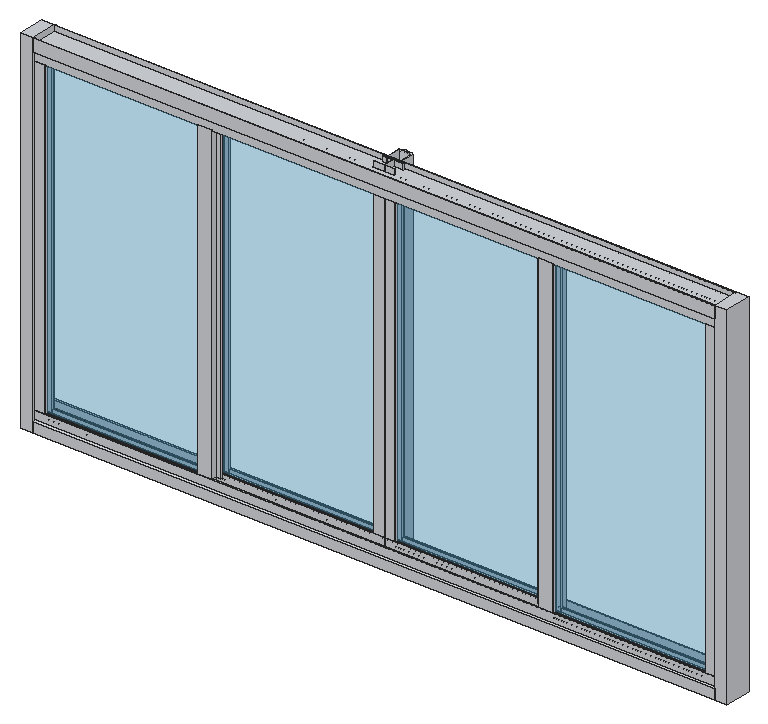
Revit family "MT-VMS_DB-SG_OXXO", category Windows, host Wall, Revit 2017 (continued)
Definition of nested family "VMS_DB-SG_OXXO_101mm"
  Definition of nested family "VMS_VM11_SILL DETAIL_FINE"
    Lines and regions (mm)
      model lines, in view "Ref. Level"
        curve 21: arc (-8.15, 0, 0) -> (-8.362, -0.088, 0) -> (-8.45, -0.3, 0) r 0.3
        curve 22: arc (-8.45, -1.9, 0) -> (-8.304, -2.254, 0) -> (-7.95, -2.4, 0) r 0.5
        curve 23: arc (-7.564, -2.4, 0) -> (-7.351, -2.312, 0) -> (-7.264, -2.1, 0) r 0.3
        curve 24: line (-7.264, -2.1, 0) -> (-7.264, -1.5, 0)
        curve 25: line (-7.264, -1.5, 0) -> (-6.364, -1.5, 0)
        curve 26: line (-6.364, -1.5, 0) -> (-6.364, -5.1, 0)
        curve 27: line (-6.364, -5.1, 0) -> (-6.776, -5.512, 0)
        curve 28: line (-6.823, -5.874, 0) -> (-5.466, -8.225, 0)
        curve 29: line (-4.167, -7.475, 0) -> (-4.864, -6.269, 0)
        curve 30: line (-4.864, -6.269, 0) -> (-4.864, -2.2, 0)
        curve 31: line (-3.864, -1.2, 0) -> (5.464, -1.2, 0)
        curve 32: line (6.464, -2.2, 0) -> (6.464, -6.269, 0)
        curve 33: line (6.464, -6.269, 0) -> (5.767, -7.475, 0)
        curve 34: line (7.066, -8.225, 0) -> (8.423, -5.874, 0)
        curve 35: line (8.376, -5.512, 0) -> (7.964, -5.1, 0)
        curve 36: line (7.964, -5.1, 0) -> (7.964, -1.2, 0)
        curve 37: line (7.964, -1.2, 0) -> (8.864, -1.2, 0)
        curve 38: line (8.864, -1.2, 0) -> (8.864, -2.1, 0)
        curve 39: line (9.164, -2.4, 0) -> (9.55, -2.4, 0)
        curve 40: line (10.05, -1.9, 0) -> (10.05, 0, 0)
        curve 41: line (10.05, 0, 0) -> (33.2, 0, 0)
        curve 42: line (33.5, 0.3, 0) -> (33.5, 29.412, 0)
        curve 43: line (33.2, 29.712, 0) -> (31.8, 29.712, 0)
        curve 44: line (31.5, 29.412, 0) -> (31.5, 2.1, 0)
        curve 45: line (31.2, 1.8, 0) -> (8.85, 1.8, 0)
        curve 46: line (8.55, 1.5, 0) -> (8.55, 0.3, 0)
        curve 47: line (8.25, 0, 0) -> (1.9, 0, 0)
        curve 48: line (1.6, 0.3, 0) -> (1.6, 29.412, 0)
        curve 49: line (1.3, 29.712, 0) -> (0.3, 29.712, 0)
        curve 50: line (0, 29.412, 0) -> (0, 0.3, 0)
        curve 51: line (-0.3, 0, 0) -> (-8.15, 0, 0)
        curve 52: line (-8.45, -0.3, 0) -> (-8.45, -1.9, 0)
        curve 53: line (-7.95, -2.4, 0) -> (-7.564, -2.4, 0)
  Definition of nested family "MAIN FRAME 101.6MM_MEDIUM"
    Reference planes
      plane 1 "Center (Front/Back)": y = 0
      plane 2: z = 0
      plane 3 "Center (Left/Right)": x = 0
    Lines and regions (mm)
      detail lines, in view "Ref. Level"
        curve 1: line (0, 0, 0) -> (45, 0, 0)
        curve 2: line (45, 0, 0) -> (45, -101.6, 0)
        curve 3: line (45, -101.6, 0) -> (0, -101.6, 0)
        curve 4: line (0, 0, 0) -> (0, -1.8, 0)
        curve 5: line (0, -1.8, 0) -> (43.2, -1.8, 0)
        curve 6: line (43.2, -99.8, 0) -> (43.2, -1.8, 0)
        curve 7: line (0, -99.8, 0) -> (43.2, -99.8, 0)
        curve 8: line (0, -99.8, 0) -> (0, -101.6, 0)
  Definition of nested family "AS1C CAVITY MAIN FRAME"
    Reference planes
      plane 1 "Center (Front/Back)": y = 0
      plane 2: z = 0
      plane 3 "Center (Left/Right)": x = 0
    Lines and regions (mm)
      model lines, in view "Ref. Level"
        curve 1: arc (-2.984, -11.197, 0) -> (-3.4, -10.881, 0) -> (-3.881, -10.679, 0) r 2.1
        curve 2: arc (-3.881, -10.679, 0) -> (-3.998, -10.629, 0) -> (-4.099, -10.551, 0) r 0.5
        curve 3: arc (-4.801, -10.551, 0) -> (-4.902, -10.629, 0) -> (-5.019, -10.679, 0) r 0.5
        curve 4: arc (-5.019, -10.679, 0) -> (-5.414, -10.834, 0) -> (-5.769, -11.066, 0) r 2.1
        curve 5: arc (-5.769, -11.066, 0) -> (-6.765, -11.183, 0) -> (-7.3, -10.335, 0) r 0.94
        curve 6: arc (-7.3, -10.05, 0) -> (-6.949, -9.201, 0) -> (-6.1, -8.85, 0) r 1.2
        curve 7: arc (-3.1, -8.85, 0) -> (-2.534, -8.616, 0) -> (-2.3, -8.05, 0) r 0.8
        curve 8: arc (-2.3, -3.3, 0) -> (-2.739, -2.239, 0) -> (-3.8, -1.8, 0) r 1.5
        curve 9: arc (-39.7, -1.8, 0) -> (-40.761, -2.239, 0) -> (-41.2, -3.3, 0) r 1.5
        curve 10: arc (-41.2, -8, 0) -> (-41.95, -8.75, 0) -> (-42.7, -8, 0) r 0.75
        curve 11: arc (-44.148, -5.393, 0) -> (-44.322, -5.359, 0) -> (-44.4, -5.2, 0) r 0.2
        curve 12: arc (-4.496, -43.536, 0) -> (-4.895, -43.42, 0) -> (-4.976, -43.013, 0) r 0.4
        curve 13: arc (-3.605, -39.246, 0) -> (-3.686, -38.839, 0) -> (-4.084, -38.723, 0) r 0.4
        curve 14: arc (-10.184, -40.357, 0) -> (-10.372, -40.509, 0) -> (-10.388, -40.75, 0) r 0.3
        curve 15: arc (-9.572, -42.992, 0) -> (-9.628, -43.369, 0) -> (-9.974, -43.528, 0) r 0.4
        curve 16: arc (-10.966, -43.462, 0) -> (-11.63, -43.147, 0) -> (-11.9, -42.464, 0) r 1
        curve 17: arc (-11.9, -41.208, 0) -> (-12.017, -40.97, 0) -> (-12.278, -40.918, 0) r 0.3
        curve 18: arc (-15.8, -44.396, 0) -> (-16.2, -44.396, 0) -> (-16.4, -44.05, 0) r 0.4
        curve 19: arc (-19.3, -50.043, 0) -> (-19.338, -50.234, 0) -> (-19.446, -50.396, 0) r 0.5
        curve 20: arc (-19.446, -51.204, 0) -> (-19.338, -51.366, 0) -> (-19.3, -51.557, 0) r 0.5
        curve 21: arc (-16.4, -57.55, 0) -> (-16.2, -57.204, 0) -> (-15.8, -57.204, 0) r 0.4
        curve 22: arc (-12.278, -60.682, 0) -> (-12.017, -60.63, 0) -> (-11.9, -60.392, 0) r 0.3
        curve 23: arc (-11.9, -59.136, 0) -> (-11.63, -58.453, 0) -> (-10.966, -58.138, 0) r 1
        curve 24: arc (-9.974, -58.072, 0) -> (-9.628, -58.231, 0) -> (-9.572, -58.608, 0) r 0.4
        curve 25: arc (-10.388, -60.85, 0) -> (-10.372, -61.091, 0) -> (-10.184, -61.243, 0) r 0.3
        curve 26: arc (-4.084, -62.877, 0) -> (-3.686, -62.761, 0) -> (-3.605, -62.354, 0) r 0.4
        curve 27: arc (-4.976, -58.587, 0) -> (-4.895, -58.18, 0) -> (-4.496, -58.064, 0) r 0.4
        curve 28: arc (-44.4, -96.4, 0) -> (-44.322, -96.241, 0) -> (-44.148, -96.207, 0) r 0.2
        curve 29: arc (-42.7, -93.6, 0) -> (-41.95, -92.85, 0) -> (-41.2, -93.6, 0) r 0.75
        curve 30: arc (-41.2, -98.3, 0) -> (-40.761, -99.361, 0) -> (-39.7, -99.8, 0) r 1.5
        curve 31: arc (-3.8, -99.8, 0) -> (-2.739, -99.361, 0) -> (-2.3, -98.3, 0) r 1.5
        curve 32: arc (-2.3, -93.15, 0) -> (-2.417, -92.867, 0) -> (-2.7, -92.75, 0) r 0.4
        curve 33: arc (-6.1, -92.75, 0) -> (-6.949, -92.399, 0) -> (-7.3, -91.55, 0) r 1.2
        curve 34: arc (-7.3, -91.265, 0) -> (-6.765, -90.417, 0) -> (-5.769, -90.534, 0) r 0.94
        curve 35: arc (-5.769, -90.534, 0) -> (-5.414, -90.766, 0) -> (-5.019, -90.921, 0) r 2.1
        curve 36: arc (-5.019, -90.921, 0) -> (-4.902, -90.971, 0) -> (-4.801, -91.049, 0) r 0.5
        curve 37: arc (-4.099, -91.049, 0) -> (-3.998, -90.971, 0) -> (-3.881, -90.921, 0) r 0.5
        curve 38: arc (-3.881, -90.921, 0) -> (-3.4, -90.719, 0) -> (-2.984, -90.403, 0) r 2.1
        curve 39: arc (-2.984, -90.403, 0) -> (-2.882, -90.327, 0) -> (-2.764, -90.278, 0) r 0.5
        curve 40: arc (-2.413, -89.671, 0) -> (-2.43, -89.545, 0) -> (-2.415, -89.418, 0) r 0.5
        curve 41: arc (-2.415, -89.418, 0) -> (-2.35, -88.9, 0) -> (-2.415, -88.382, 0) r 2.1
        curve 42: arc (-2.415, -88.382, 0) -> (-2.43, -88.255, 0) -> (-2.413, -88.129, 0) r 0.5
        curve 43: arc (-2.764, -87.522, 0) -> (-2.882, -87.473, 0) -> (-2.984, -87.397, 0) r 0.5
        curve 44: arc (-2.984, -87.397, 0) -> (-3.4, -87.081, 0) -> (-3.881, -86.879, 0) r 2.1
        curve 45: arc (-3.881, -86.879, 0) -> (-3.998, -86.829, 0) -> (-4.099, -86.751, 0) r 0.5
        curve 46: arc (-4.801, -86.751, 0) -> (-4.902, -86.829, 0) -> (-5.019, -86.879, 0) r 0.5
        curve 47: arc (-5.019, -86.879, 0) -> (-5.414, -87.034, 0) -> (-5.769, -87.266, 0) r 2.1
        curve 48: arc (-5.769, -87.266, 0) -> (-6.765, -87.383, 0) -> (-7.3, -86.535, 0) r 0.94
        curve 49: arc (-7.3, -86.25, 0) -> (-6.949, -85.401, 0) -> (-6.1, -85.05, 0) r 1.2
        curve 50: arc (-2.5, -85.05, 0) -> (-2.217, -84.933, 0) -> (-2.1, -84.65, 0) r 0.4
        curve 51: arc (-2.1, -66.37, 0) -> (-2.451, -65.335, 0) -> (-3.36, -64.728, 0) r 1.7
        curve 52: arc (-19.936, -60.286, 0) -> (-20.631, -59.822, 0) -> (-20.9, -59.03, 0) r 1.3
        curve 53: arc (-20.9, -42.57, 0) -> (-20.631, -41.778, 0) -> (-19.936, -41.314, 0) r 1.3
        curve 54: arc (-3.36, -36.872, 0) -> (-2.451, -36.265, 0) -> (-2.1, -35.23, 0) r 1.7
        curve 55: arc (-2.1, -17.35, 0) -> (-2.334, -16.784, 0) -> (-2.9, -16.55, 0) r 0.8
        curve 56: arc (-6.1, -16.55, 0) -> (-6.949, -16.199, 0) -> (-7.3, -15.35, 0) r 1.2
        curve 57: arc (-7.3, -15.065, 0) -> (-6.765, -14.217, 0) -> (-5.769, -14.334, 0) r 0.94
        curve 58: arc (-5.769, -14.334, 0) -> (-5.414, -14.566, 0) -> (-5.019, -14.721, 0) r 2.1
        curve 59: arc (-5.019, -14.721, 0) -> (-4.902, -14.771, 0) -> (-4.801, -14.849, 0) r 0.5
        curve 60: arc (-4.099, -14.849, 0) -> (-3.998, -14.771, 0) -> (-3.881, -14.721, 0) r 0.5
        curve 61: arc (-3.881, -14.721, 0) -> (-3.4, -14.519, 0) -> (-2.984, -14.203, 0) r 2.1
        curve 62: arc (-2.984, -14.203, 0) -> (-2.882, -14.127, 0) -> (-2.764, -14.078, 0) r 0.5
        curve 63: arc (-2.413, -13.471, 0) -> (-2.43, -13.345, 0) -> (-2.415, -13.218, 0) r 0.5
        curve 64: arc (-2.415, -13.218, 0) -> (-2.35, -12.7, 0) -> (-2.415, -12.182, 0) r 2.1
        curve 65: arc (-2.415, -12.182, 0) -> (-2.43, -12.055, 0) -> (-2.413, -11.929, 0) r 0.5
        curve 66: line (-4.099, -10.551, 0) -> (-4.45, -10.2, 0)
        curve 67: line (-4.45, -10.2, 0) -> (-4.801, -10.551, 0)
        curve 68: line (-7.3, -10.335, 0) -> (-7.3, -10.05, 0)
        curve 69: line (-6.1, -8.85, 0) -> (-3.1, -8.85, 0)
        curve 70: line (-2.3, -8.05, 0) -> (-2.3, -3.3, 0)
        curve 71: line (-3.8, -1.8, 0) -> (-39.7, -1.8, 0)
        curve 72: line (-41.2, -3.3, 0) -> (-41.2, -8, 0)
        curve 73: line (-42.7, -8, 0) -> (-42.7, -5.005, 0)
        curve 74: line (-42.7, -5.005, 0) -> (-44.148, -5.393, 0)
        curve 75: line (-44.4, -5.2, 0) -> (-44.4, 0, 0)
        curve 76: line (-44.4, 0, 0) -> (0, 0, 0)
        curve 77: line (0, 0, 0) -> (0, -41.4, 0)
        curve 78: line (0, -41.4, 0) -> (-2.4, -41.4, 0)
        curve 79: line (-2.4, -41.4, 0) -> (-2.4, -42.975, 0)
        curve 80: line (-2.4, -42.975, 0) -> (-4.496, -43.536, 0)
        curve 81: line (-4.976, -43.013, 0) -> (-3.605, -39.246, 0)
        curve 82: line (-4.084, -38.723, 0) -> (-10.184, -40.357, 0)
        curve 83: line (-10.388, -40.75, 0) -> (-9.572, -42.992, 0)
        curve 84: line (-9.974, -43.528, 0) -> (-10.966, -43.462, 0)
        curve 85: line (-11.9, -42.464, 0) -> (-11.9, -41.208, 0)
        curve 86: line (-12.278, -40.918, 0) -> (-14.6, -41.541, 0)
        curve 87: line (-14.6, -41.541, 0) -> (-14.6, -43.704, 0)
        curve 88: line (-14.6, -43.704, 0) -> (-15.8, -44.396, 0)
        curve 89: line (-16.4, -44.05, 0) -> (-16.4, -42.023, 0)
        curve 90: line (-16.4, -42.023, 0) -> (-19.3, -42.8, 0)
        curve 91: line (-19.3, -42.8, 0) -> (-19.3, -50.043, 0)
        curve 92: line (-19.446, -50.396, 0) -> (-19.6, -50.55, 0)
        curve 93: line (-19.6, -50.55, 0) -> (-19.6, -51.05, 0)
        curve 94: line (-19.6, -51.05, 0) -> (-19.446, -51.204, 0)
        curve 95: line (-19.3, -51.557, 0) -> (-19.3, -58.8, 0)
        curve 96: line (-19.3, -58.8, 0) -> (-16.4, -59.577, 0)
        curve 97: line (-16.4, -59.577, 0) -> (-16.4, -57.55, 0)
        curve 98: line (-15.8, -57.204, 0) -> (-14.6, -57.896, 0)
        curve 99: line (-14.6, -57.896, 0) -> (-14.6, -60.059, 0)
        curve 100: line (-14.6, -60.059, 0) -> (-12.278, -60.682, 0)
        curve 101: line (-11.9, -60.392, 0) -> (-11.9, -59.136, 0)
        curve 102: line (-10.966, -58.138, 0) -> (-9.974, -58.072, 0)
        curve 103: line (-9.572, -58.608, 0) -> (-10.388, -60.85, 0)
        curve 104: line (-10.184, -61.243, 0) -> (-4.084, -62.877, 0)
        curve 105: line (-3.605, -62.354, 0) -> (-4.976, -58.587, 0)
        curve 106: line (-4.496, -58.064, 0) -> (-2.4, -58.625, 0)
        curve 107: line (-2.4, -58.625, 0) -> (-2.4, -60.2, 0)
        curve 108: line (-2.4, -60.2, 0) -> (0, -60.2, 0)
        curve 109: line (0, -60.2, 0) -> (0, -101.6, 0)
        curve 110: line (0, -101.6, 0) -> (-44.4, -101.6, 0)
        curve 111: line (-44.4, -101.6, 0) -> (-44.4, -96.4, 0)
        curve 112: line (-44.148, -96.207, 0) -> (-42.7, -96.595, 0)
        curve 113: line (-42.7, -96.595, 0) -> (-42.7, -93.6, 0)
        curve 114: line (-41.2, -93.6, 0) -> (-41.2, -98.3, 0)
        curve 115: line (-39.7, -99.8, 0) -> (-3.8, -99.8, 0)
        curve 116: line (-2.3, -98.3, 0) -> (-2.3, -93.15, 0)
        curve 117: line (-2.7, -92.75, 0) -> (-6.1, -92.75, 0)
        curve 118: line (-7.3, -91.55, 0) -> (-7.3, -91.265, 0)
        curve 119: line (-4.801, -91.049, 0) -> (-4.45, -91.4, 0)
        curve 120: line (-4.45, -91.4, 0) -> (-4.099, -91.049, 0)
        curve 121: line (-2.764, -90.278, 0) -> (-2.285, -90.15, 0)
        curve 122: line (-2.285, -90.15, 0) -> (-2.413, -89.671, 0)
        curve 123: line (-2.413, -88.129, 0) -> (-2.285, -87.65, 0)
        curve 124: line (-2.285, -87.65, 0) -> (-2.764, -87.522, 0)
        curve 125: line (-4.099, -86.751, 0) -> (-4.45, -86.4, 0)
        curve 126: line (-4.45, -86.4, 0) -> (-4.801, -86.751, 0)
        curve 127: line (-7.3, -86.535, 0) -> (-7.3, -86.25, 0)
        curve 128: line (-6.1, -85.05, 0) -> (-2.5, -85.05, 0)
        curve 129: line (-2.1, -84.65, 0) -> (-2.1, -80.4, 0)
        curve 130: line (-2.1, -80.4, 0) -> (-2.4, -80.4, 0)
        curve 131: line (-2.4, -80.4, 0) -> (-2.4, -67.3, 0)
        curve 132: line (-2.4, -67.3, 0) -> (-2.1, -67.3, 0)
        curve 133: line (-2.1, -67.3, 0) -> (-2.1, -66.37, 0)
        curve 134: line (-3.36, -64.728, 0) -> (-19.936, -60.286, 0)
        curve 135: line (-20.9, -59.03, 0) -> (-20.9, -50.8, 0)
        curve 136: line (-20.9, -50.8, 0) -> (-20.9, -42.57, 0)
        curve 137: line (-19.936, -41.314, 0) -> (-3.36, -36.872, 0)
        curve 138: line (-2.1, -35.23, 0) -> (-2.1, -34.3, 0)
        curve 139: line (-2.1, -34.3, 0) -> (-2.4, -34.3, 0)
        curve 140: line (-2.4, -34.3, 0) -> (-2.4, -21.2, 0)
        curve 141: line (-2.4, -21.2, 0) -> (-2.1, -21.2, 0)
        curve 142: line (-2.1, -21.2, 0) -> (-2.1, -17.35, 0)
        curve 143: line (-2.9, -16.55, 0) -> (-6.1, -16.55, 0)
        curve 144: line (-7.3, -15.35, 0) -> (-7.3, -15.065, 0)
        curve 145: line (-4.801, -14.849, 0) -> (-4.45, -15.2, 0)
        curve 146: line (-4.45, -15.2, 0) -> (-4.099, -14.849, 0)
        curve 147: line (-2.764, -14.078, 0) -> (-2.285, -13.95, 0)
        curve 148: line (-2.285, -13.95, 0) -> (-2.413, -13.471, 0)
        curve 149: line (-2.413, -11.929, 0) -> (-2.285, -11.45, 0)
        curve 150: line (-2.285, -11.45, 0) -> (-2.764, -11.322, 0)
        curve 151: arc (-2.764, -11.322, 0) -> (-2.882, -11.273, 0) -> (-2.984, -11.197, 0) r 0.5
  Definition of nested family "VMS_VM8_HEAD DETAIL_FINE"
    Reference planes
      plane 1 "Center (Front/Back)": y = 0
      plane 2: z = 0
      plane 3 "Center (Left/Right)": x = 0
    Lines and regions (mm)
      model lines, in view "Ref. Level"
        curve 1: arc (50, -27.1, 0) -> (49.414, -25.686, 0) -> (48, -25.1, 0) r 2
        curve 2: arc (3.8, -25.1, 0) -> (2.386, -25.686, 0) -> (1.8, -27.1, 0) r 2
        curve 3: arc (1.8, -41.8, 0) -> (2.034, -42.366, 0) -> (2.6, -42.6, 0) r 0.8
        curve 4: arc (8.71, -42.6, 0) -> (8.973, -42.444, 0) -> (8.963, -42.139, 0) r 0.3
        curve 5: arc (8.963, -42.139, 0) -> (8.438, -39.576, 0) -> (9.754, -37.315, 0) r 3.67
        curve 6: arc (9.754, -37.315, 0) -> (11.002, -37.382, 0) -> (11.067, -38.629, 0) r 0.934
        curve 7: arc (11.067, -38.629, 0) -> (10.819, -39.017, 0) -> (10.661, -39.448, 0) r 2.1
        curve 8: arc (10.661, -40.452, 0) -> (10.881, -41, 0) -> (11.246, -41.465, 0) r 2.1
        curve 9: arc (12.115, -41.967, 0) -> (12.7, -42.05, 0) -> (13.285, -41.967, 0) r 2.1
        curve 10: arc (14.154, -41.465, 0) -> (14.519, -41, 0) -> (14.739, -40.452, 0) r 2.1
        curve 11: arc (14.739, -39.448, 0) -> (14.581, -39.017, 0) -> (14.333, -38.629, 0) r 2.1
        curve 12: arc (14.333, -38.629, 0) -> (14.398, -37.382, 0) -> (15.646, -37.315, 0) r 0.934
        curve 13: arc (15.646, -37.315, 0) -> (16.962, -39.576, 0) -> (16.437, -42.139, 0) r 3.67
        curve 14: arc (16.437, -42.139, 0) -> (16.427, -42.444, 0) -> (16.69, -42.6, 0) r 0.3
        curve 15: arc (19.8, -42.6, 0) -> (20.012, -42.688, 0) -> (20.1, -42.9, 0) r 0.3
        curve 16: arc (20.1, -67.7, 0) -> (20.012, -67.912, 0) -> (19.8, -68, 0) r 0.3
        curve 17: arc (18.6, -68, 0) -> (18.388, -67.912, 0) -> (18.3, -67.7, 0) r 0.3
        curve 18: arc (0.5, -44.4, 0) -> (0.146, -44.254, 0) -> (0, -43.9, 0) r 0.5
        curve 19: arc (0, -0.5, 0) -> (0.146, -0.146, 0) -> (0.5, 0, 0) r 0.5
        curve 20: arc (5.2, 0, 0) -> (5.359, -0.078, 0) -> (5.393, -0.252, 0) r 0.2
        curve 21: arc (8, -1.7, 0) -> (8.75, -2.45, 0) -> (8, -3.2, 0) r 0.75
        curve 22: arc (2.6, -3.2, 0) -> (2.034, -3.434, 0) -> (1.8, -4, 0) r 0.8
        curve 23: arc (1.8, -23, 0) -> (1.888, -23.212, 0) -> (2.1, -23.3, 0) r 0.3
        curve 24: arc (49.241, -23.3, 0) -> (49.391, -23.26, 0) -> (49.501, -23.15, 0) r 0.3
        curve 25: arc (49.501, -23.15, 0) -> (49.761, -23, 0) -> (50.021, -23.15, 0) r 0.3
        curve 26: arc (50.021, -23.15, 0) -> (50.28, -23.3, 0) -> (50.54, -23.15, 0) r 0.3
        curve 27: arc (50.54, -23.15, 0) -> (50.8, -23, 0) -> (51.06, -23.15, 0) r 0.3
        curve 28: arc (51.06, -23.15, 0) -> (51.32, -23.3, 0) -> (51.579, -23.15, 0) r 0.3
        curve 29: arc (51.579, -23.15, 0) -> (51.839, -23, 0) -> (52.099, -23.15, 0) r 0.3
        curve 30: arc (52.099, -23.15, 0) -> (52.209, -23.26, 0) -> (52.359, -23.3, 0) r 0.3
        curve 31: arc (99.5, -23.3, 0) -> (99.712, -23.212, 0) -> (99.8, -23, 0) r 0.3
        curve 32: arc (99.8, -4, 0) -> (99.566, -3.434, 0) -> (99, -3.2, 0) r 0.8
        curve 33: arc (93.6, -3.2, 0) -> (92.85, -2.45, 0) -> (93.6, -1.7, 0) r 0.75
        curve 34: arc (96.207, -0.252, 0) -> (96.241, -0.078, 0) -> (96.4, 0, 0) r 0.2
        curve 35: arc (101.1, 0, 0) -> (101.454, -0.146, 0) -> (101.6, -0.5, 0) r 0.5
        curve 36: arc (101.6, -43.9, 0) -> (101.454, -44.254, 0) -> (101.1, -44.4, 0) r 0.5
        curve 37: arc (83.3, -67.7, 0) -> (83.212, -67.912, 0) -> (83, -68, 0) r 0.3
        curve 38: arc (81.8, -68, 0) -> (81.588, -67.912, 0) -> (81.5, -67.7, 0) r 0.3
        curve 39: arc (81.5, -42.9, 0) -> (81.588, -42.688, 0) -> (81.8, -42.6, 0) r 0.3
        curve 40: arc (84.91, -42.6, 0) -> (85.173, -42.444, 0) -> (85.163, -42.139, 0) r 0.3
        curve 41: arc (85.163, -42.139, 0) -> (84.638, -39.576, 0) -> (85.954, -37.315, 0) r 3.67
        curve 42: arc (85.954, -37.315, 0) -> (87.202, -37.382, 0) -> (87.267, -38.629, 0) r 0.934
        curve 43: arc (87.267, -38.629, 0) -> (87.019, -39.017, 0) -> (86.861, -39.448, 0) r 2.1
        curve 44: arc (86.861, -40.452, 0) -> (87.081, -41, 0) -> (87.446, -41.465, 0) r 2.1
        curve 45: arc (88.315, -41.967, 0) -> (88.9, -42.05, 0) -> (89.485, -41.967, 0) r 2.1
        curve 46: arc (90.354, -41.465, 0) -> (90.719, -41, 0) -> (90.939, -40.452, 0) r 2.1
        curve 47: arc (90.939, -39.448, 0) -> (90.781, -39.017, 0) -> (90.533, -38.629, 0) r 2.1
        curve 48: arc (90.533, -38.629, 0) -> (90.598, -37.382, 0) -> (91.846, -37.315, 0) r 0.934
        curve 49: arc (91.846, -37.315, 0) -> (93.162, -39.576, 0) -> (92.637, -42.139, 0) r 3.67
        curve 50: arc (92.637, -42.139, 0) -> (92.627, -42.444, 0) -> (92.89, -42.6, 0) r 0.3
        curve 51: arc (99, -42.6, 0) -> (99.566, -42.366, 0) -> (99.8, -41.8, 0) r 0.8
        curve 52: arc (99.8, -27.1, 0) -> (99.214, -25.686, 0) -> (97.8, -25.1, 0) r 2
        curve 53: arc (53.6, -25.1, 0) -> (52.186, -25.686, 0) -> (51.6, -27.1, 0) r 2
        curve 54: arc (51.6, -67.7, 0) -> (51.512, -67.912, 0) -> (51.3, -68, 0) r 0.3
        curve 55: line (50, -67.7, 0) -> (50, -27.1, 0)
        curve 56: line (48, -25.1, 0) -> (3.8, -25.1, 0)
        curve 57: line (1.8, -27.1, 0) -> (1.8, -41.8, 0)
        curve 58: line (2.6, -42.6, 0) -> (8.71, -42.6, 0)
        curve 59: line (10.608, -39.542, 0) -> (10.2, -39.95, 0)
        curve 60: line (10.2, -39.95, 0) -> (10.608, -40.358, 0)
        curve 61: line (11.301, -41.558, 0) -> (11.45, -42.115, 0)
        curve 62: line (11.45, -42.115, 0) -> (12.007, -41.966, 0)
        curve 63: line (13.393, -41.966, 0) -> (13.95, -42.115, 0)
        curve 64: line (13.95, -42.115, 0) -> (14.099, -41.558, 0)
        curve 65: line (14.792, -40.358, 0) -> (15.2, -39.95, 0)
        curve 66: line (15.2, -39.95, 0) -> (14.792, -39.542, 0)
        curve 67: line (16.69, -42.6, 0) -> (19.8, -42.6, 0)
        curve 68: line (20.1, -42.9, 0) -> (20.1, -67.7, 0)
        curve 69: line (19.8, -68, 0) -> (18.6, -68, 0)
        curve 70: line (18.3, -67.7, 0) -> (18.3, -44.4, 0)
        curve 71: line (18.3, -44.4, 0) -> (0.5, -44.4, 0)
        curve 72: line (0, -43.9, 0) -> (0, -0.5, 0)
        curve 73: line (0.5, 0, 0) -> (5.2, 0, 0)
        curve 74: line (5.393, -0.252, 0) -> (5.005, -1.7, 0)
        curve 75: line (5.005, -1.7, 0) -> (8, -1.7, 0)
        curve 76: line (8, -3.2, 0) -> (2.6, -3.2, 0)
        curve 77: line (1.8, -4, 0) -> (1.8, -23, 0)
        curve 78: line (2.1, -23.3, 0) -> (49.241, -23.3, 0)
        curve 79: line (52.359, -23.3, 0) -> (99.5, -23.3, 0)
        curve 80: line (99.8, -23, 0) -> (99.8, -4, 0)
        curve 81: line (99, -3.2, 0) -> (93.6, -3.2, 0)
        curve 82: line (93.6, -1.7, 0) -> (96.595, -1.7, 0)
        curve 83: line (96.595, -1.7, 0) -> (96.207, -0.252, 0)
        curve 84: line (96.4, 0, 0) -> (101.1, 0, 0)
        curve 85: line (101.6, -0.5, 0) -> (101.6, -43.9, 0)
        curve 86: line (101.1, -44.4, 0) -> (83.3, -44.4, 0)
        curve 87: line (83.3, -44.4, 0) -> (83.3, -67.7, 0)
        curve 88: line (83, -68, 0) -> (81.8, -68, 0)
        curve 89: line (81.5, -67.7, 0) -> (81.5, -42.9, 0)
        curve 90: line (81.8, -42.6, 0) -> (84.91, -42.6, 0)
        curve 91: line (86.808, -39.542, 0) -> (86.4, -39.95, 0)
        curve 92: line (86.4, -39.95, 0) -> (86.808, -40.358, 0)
        curve 93: line (87.501, -41.558, 0) -> (87.65, -42.115, 0)
        curve 94: line (87.65, -42.115, 0) -> (88.207, -41.966, 0)
        curve 95: line (89.593, -41.966, 0) -> (90.15, -42.115, 0)
        curve 96: line (90.15, -42.115, 0) -> (90.299, -41.558, 0)
        curve 97: line (90.992, -40.358, 0) -> (91.4, -39.95, 0)
        curve 98: line (91.4, -39.95, 0) -> (90.992, -39.542, 0)
        curve 99: line (92.89, -42.6, 0) -> (99, -42.6, 0)
        curve 100: line (99.8, -41.8, 0) -> (99.8, -27.1, 0)
        curve 101: line (97.8, -25.1, 0) -> (53.6, -25.1, 0)
        curve 102: line (51.6, -27.1, 0) -> (51.6, -67.7, 0)
        curve 103: line (51.3, -68, 0) -> (50.3, -68, 0)
        curve 104: arc (50.3, -68, 0) -> (50.088, -67.912, 0) -> (50, -67.7, 0) r 0.3
  Definition of nested family "VMS_VM10_BOT DETAIL_FINE"
    Reference planes
      plane 1 "Center (Front/Back)": y = 0
      plane 2: z = 0
      plane 3 "Center (Left/Right)": x = 0
    Lines and regions (mm)
      model lines, in view "Ref. Level"
        curve 1: arc (84.669, 36.544, 0) -> (84.729, 36.675, 0) -> (84.75, 36.817, 0) r 0.5
        curve 2: arc (84.75, 42.2, 0) -> (84.662, 42.412, 0) -> (84.45, 42.5, 0) r 0.3
        curve 3: arc (83.13, 42.5, 0) -> (82.918, 42.412, 0) -> (82.83, 42.2, 0) r 0.3
        curve 4: arc (82.83, 41.74, 0) -> (82.391, 40.679, 0) -> (81.33, 40.24, 0) r 1.5
        curve 5: arc (70.15, 40.24, 0) -> (69.089, 40.679, 0) -> (68.65, 41.74, 0) r 1.5
        curve 6: arc (68.65, 41.97, 0) -> (68.562, 42.182, 0) -> (68.35, 42.27, 0) r 0.3
        curve 7: arc (64.15, 42.27, 0) -> (63.938, 42.182, 0) -> (63.85, 41.97, 0) r 0.3
        curve 8: arc (63.85, 41.74, 0) -> (63.411, 40.679, 0) -> (62.35, 40.24, 0) r 1.5
        curve 9: arc (38.65, 40.24, 0) -> (37.589, 40.679, 0) -> (37.15, 41.74, 0) r 1.5
        curve 10: arc (37.15, 41.97, 0) -> (37.062, 42.182, 0) -> (36.85, 42.27, 0) r 0.3
        curve 11: arc (32.65, 42.27, 0) -> (32.438, 42.182, 0) -> (32.35, 41.97, 0) r 0.3
        curve 12: arc (32.35, 41.74, 0) -> (31.911, 40.679, 0) -> (30.85, 40.24, 0) r 1.5
        curve 13: arc (19.67, 40.24, 0) -> (18.609, 40.679, 0) -> (18.17, 41.74, 0) r 1.5
        curve 14: arc (18.17, 42.2, 0) -> (18.082, 42.412, 0) -> (17.87, 42.5, 0) r 0.3
        curve 15: arc (16.55, 42.5, 0) -> (16.338, 42.412, 0) -> (16.25, 42.2, 0) r 0.3
        curve 16: arc (16.25, 38, 0) -> (15.899, 37.151, 0) -> (15.05, 36.8, 0) r 1.2
        curve 17: arc (14.765, 36.8, 0) -> (13.917, 37.335, 0) -> (14.034, 38.331, 0) r 0.94
        curve 18: arc (14.034, 38.331, 0) -> (14.266, 38.686, 0) -> (14.421, 39.081, 0) r 2.1
        curve 19: arc (14.421, 39.081, 0) -> (14.471, 39.198, 0) -> (14.549, 39.299, 0) r 0.5
        curve 20: arc (14.549, 40.001, 0) -> (14.471, 40.102, 0) -> (14.421, 40.219, 0) r 0.5
        curve 21: arc (14.421, 40.219, 0) -> (14.219, 40.7, 0) -> (13.903, 41.116, 0) r 2.1
        curve 22: arc (13.903, 41.116, 0) -> (13.827, 41.218, 0) -> (13.778, 41.336, 0) r 0.5
        curve 23: arc (13.171, 41.687, 0) -> (13.045, 41.67, 0) -> (12.918, 41.685, 0) r 0.5
        curve 24: arc (12.918, 41.685, 0) -> (12.4, 41.75, 0) -> (11.882, 41.685, 0) r 2.1
        curve 25: arc (11.882, 41.685, 0) -> (11.755, 41.67, 0) -> (11.629, 41.687, 0) r 0.5
        curve 26: arc (11.022, 41.336, 0) -> (10.973, 41.218, 0) -> (10.897, 41.116, 0) r 0.5
        curve 27: arc (10.897, 41.116, 0) -> (10.581, 40.7, 0) -> (10.379, 40.219, 0) r 2.1
        curve 28: arc (10.379, 40.219, 0) -> (10.329, 40.102, 0) -> (10.251, 40.001, 0) r 0.5
        curve 29: arc (10.251, 39.299, 0) -> (10.329, 39.198, 0) -> (10.379, 39.081, 0) r 0.5
        curve 30: arc (10.379, 39.081, 0) -> (10.534, 38.686, 0) -> (10.766, 38.331, 0) r 2.1
        curve 31: arc (10.766, 38.331, 0) -> (10.883, 37.335, 0) -> (10.035, 36.8, 0) r 0.94
        curve 32: arc (9.75, 36.8, 0) -> (8.901, 37.151, 0) -> (8.55, 38, 0) r 1.2
        curve 33: arc (8.55, 41.7, 0) -> (8.316, 42.266, 0) -> (7.75, 42.5, 0) r 0.8
        curve 34: arc (1.8, 42.5, 0) -> (1.446, 42.354, 0) -> (1.3, 42, 0) r 0.5
        curve 35: arc (1.3, 22.335, 0) -> (1.535, 21.911, 0) -> (2.019, 21.885, 0) r 0.5
        curve 36: arc (2.019, 21.885, 0) -> (5.322, 21.516, 0) -> (6.393, 18.369, 0) r 3.1
        curve 37: arc (6.393, 18.369, 0) -> (6.393, 18.133, 0) -> (6.502, 17.923, 0) r 0.5
        curve 38: arc (6.502, 17.923, 0) -> (6.849, 17.341, 0) -> (6.97, 16.674, 0) r 1.9
        curve 39: arc (6.97, 8.83, 0) -> (7.116, 8.476, 0) -> (7.47, 8.33, 0) r 0.5
        curve 40: arc (21.11, 8.33, 0) -> (21.292, 8.392, 0) -> (21.4, 8.552, 0) r 0.3
        curve 41: arc (25.348, 23.288, 0) -> (25.884, 24.09, 0) -> (26.797, 24.4, 0) r 1.5
        curve 42: arc (76.492, 24.4, 0) -> (76.731, 24.46, 0) -> (76.911, 24.627, 0) r 0.5
        curve 43: arc (95.907, -0.048, 0) -> (95.941, -0.222, 0) -> (96.1, -0.3, 0) r 0.2
        curve 44: arc (101, -0.3, 0) -> (101.212, -0.212, 0) -> (101.3, 0, 0) r 0.3
        curve 45: arc (101.3, 43.6, 0) -> (101.154, 43.954, 0) -> (100.8, 44.1, 0) r 0.5
        curve 46: arc (83.3, 44.1, 0) -> (82.946, 44.246, 0) -> (82.8, 44.6, 0) r 0.5
        curve 47: arc (82.8, 66.2, 0) -> (82.654, 66.554, 0) -> (82.3, 66.7, 0) r 0.5
        curve 48: arc (81.5, 66.7, 0) -> (81.288, 66.612, 0) -> (81.2, 66.4, 0) r 0.3
        curve 49: arc (81.2, 42.14, 0) -> (81.112, 41.928, 0) -> (80.9, 41.84, 0) r 0.3
        curve 50: arc (70.55, 41.84, 0) -> (70.338, 41.928, 0) -> (70.25, 42.14, 0) r 0.3
        curve 51: arc (70.25, 42.827, 0) -> (70.139, 43.142, 0) -> (69.854, 43.317, 0) r 0.5
        curve 52: arc (62.646, 43.317, 0) -> (62.361, 43.142, 0) -> (62.25, 42.827, 0) r 0.5
        curve 53: arc (62.25, 42.14, 0) -> (62.162, 41.928, 0) -> (61.95, 41.84, 0) r 0.3
        curve 54: arc (51.6, 41.84, 0) -> (51.388, 41.928, 0) -> (51.3, 42.14, 0) r 0.3
        curve 55: arc (51.3, 66.4, 0) -> (51.212, 66.612, 0) -> (51, 66.7, 0) r 0.3
        curve 56: arc (50, 66.7, 0) -> (49.788, 66.612, 0) -> (49.7, 66.4, 0) r 0.3
        curve 57: arc (49.7, 42.14, 0) -> (49.612, 41.928, 0) -> (49.4, 41.84, 0) r 0.3
        curve 58: arc (39.05, 41.84, 0) -> (38.838, 41.928, 0) -> (38.75, 42.14, 0) r 0.3
        curve 59: arc (38.75, 42.827, 0) -> (38.639, 43.142, 0) -> (38.354, 43.317, 0) r 0.5
        curve 60: arc (31.146, 43.317, 0) -> (30.861, 43.142, 0) -> (30.75, 42.827, 0) r 0.5
        curve 61: arc (30.75, 42.14, 0) -> (30.662, 41.928, 0) -> (30.45, 41.84, 0) r 0.3
        curve 62: arc (20.1, 41.84, 0) -> (19.888, 41.928, 0) -> (19.8, 42.14, 0) r 0.3
        curve 63: arc (19.8, 66.4, 0) -> (19.712, 66.612, 0) -> (19.5, 66.7, 0) r 0.3
        curve 64: arc (18.7, 66.7, 0) -> (18.346, 66.554, 0) -> (18.2, 66.2, 0) r 0.5
        curve 65: arc (18.2, 44.6, 0) -> (18.054, 44.246, 0) -> (17.7, 44.1, 0) r 0.5
        curve 66: arc (0.2, 44.1, 0) -> (-0.154, 43.954, 0) -> (-0.3, 43.6, 0) r 0.5
        curve 67: arc (-0.297, 18.697, 0) -> (0.145, 17.357, 0) -> (1.08, 16.3, 0) r 3.5
        curve 68: arc (1.58, 16.3, 0) -> (2.146, 16.534, 0) -> (2.38, 17.1, 0) r 0.8
        curve 69: arc (2.38, 17.982, 0) -> (3.38, 20.6, 0) -> (4.38, 17.982, 0) r 1.5
        curve 70: arc (4.38, 17.13, 0) -> (4.555, 16.858, 0) -> (4.875, 16.902, 0) r 0.3
        curve 71: arc (4.875, 16.902, 0) -> (5.195, 16.947, 0) -> (5.37, 16.674, 0) r 0.3
        curve 72: arc (5.07, 8.85, 0) -> (4.57, 8.35, 0) -> (5.07, 7.85, 0) r 0.5
        curve 73: arc (5.187, 7.85, 0) -> (5.372, 7.727, 0) -> (5.329, 7.509, 0) r 0.2
        curve 74: arc (-0.154, 2.026, 0) -> (-0.262, 1.864, 0) -> (-0.3, 1.673, 0) r 0.5
        curve 75: arc (-0.3, 0, 0) -> (-0.212, -0.212, 0) -> (0, -0.3, 0) r 0.3
        curve 76: arc (4.9, -0.3, 0) -> (5.059, -0.222, 0) -> (5.093, -0.048, 0) r 0.2
        curve 77: arc (7.7, 1.4, 0) -> (8.45, 2.15, 0) -> (7.7, 2.9, 0) r 0.75
        curve 78: arc (3.707, 2.9, 0) -> (3.43, 3.085, 0) -> (3.495, 3.412, 0) r 0.3
        curve 79: arc (6.725, 6.642, 0) -> (6.822, 6.707, 0) -> (6.937, 6.73, 0) r 0.3
        curve 80: arc (21.417, 6.73, 0) -> (22.33, 7.04, 0) -> (22.866, 7.842, 0) r 1.5
        curve 81: arc (26.814, 22.578, 0) -> (26.921, 22.738, 0) -> (27.104, 22.8, 0) r 0.3
        curve 82: arc (76.818, 22.8, 0) -> (77.533, 22.981, 0) -> (78.075, 23.482, 0) r 1.5
        curve 83: arc (87.023, 37.227, 0) -> (87.174, 37.788, 0) -> (86.966, 38.331, 0) r 0.94
        curve 84: arc (86.966, 38.331, 0) -> (86.734, 38.686, 0) -> (86.579, 39.081, 0) r 2.1
        curve 85: arc (86.579, 39.081, 0) -> (86.529, 39.198, 0) -> (86.451, 39.299, 0) r 0.5
        curve 86: arc (86.451, 40.001, 0) -> (86.529, 40.102, 0) -> (86.579, 40.219, 0) r 0.5
        curve 87: arc (86.579, 40.219, 0) -> (86.781, 40.7, 0) -> (87.097, 41.116, 0) r 2.1
        curve 88: arc (87.097, 41.116, 0) -> (87.173, 41.218, 0) -> (87.222, 41.336, 0) r 0.5
        curve 89: arc (87.829, 41.687, 0) -> (87.955, 41.67, 0) -> (88.082, 41.685, 0) r 0.5
        curve 90: arc (88.082, 41.685, 0) -> (88.6, 41.75, 0) -> (89.118, 41.685, 0) r 2.1
        curve 91: arc (89.118, 41.685, 0) -> (89.245, 41.67, 0) -> (89.371, 41.687, 0) r 0.5
        curve 92: arc (89.978, 41.336, 0) -> (90.027, 41.218, 0) -> (90.103, 41.116, 0) r 0.5
        curve 93: arc (90.103, 41.116, 0) -> (90.419, 40.7, 0) -> (90.621, 40.219, 0) r 2.1
        curve 94: arc (90.621, 40.219, 0) -> (90.671, 40.102, 0) -> (90.749, 40.001, 0) r 0.5
        curve 95: arc (90.749, 39.299, 0) -> (90.671, 39.198, 0) -> (90.621, 39.081, 0) r 0.5
        curve 96: arc (90.621, 39.081, 0) -> (90.466, 38.686, 0) -> (90.234, 38.331, 0) r 2.1
        curve 97: arc (90.234, 38.331, 0) -> (90.117, 37.335, 0) -> (90.965, 36.8, 0) r 0.94
        curve 98: arc (91.25, 36.8, 0) -> (92.099, 37.151, 0) -> (92.45, 38, 0) r 1.2
        curve 99: arc (92.45, 41.7, 0) -> (92.684, 42.266, 0) -> (93.25, 42.5, 0) r 0.8
        curve 100: arc (98.2, 42.5, 0) -> (99.261, 42.061, 0) -> (99.7, 41, 0) r 1.5
        curve 101: arc (99.7, 1.8, 0) -> (99.554, 1.446, 0) -> (99.2, 1.3, 0) r 0.5
        curve 102: arc (98.358, 1.3, 0) -> (98.042, 1.413, 0) -> (97.868, 1.7, 0) r 0.5
        curve 103: arc (97.868, 1.7, 0) -> (97.347, 2.562, 0) -> (96.398, 2.9, 0) r 1.5
        curve 104: arc (93.3, 2.9, 0) -> (92.55, 2.15, 0) -> (93.3, 1.4, 0) r 0.75
        curve 105: line (84.75, 36.817, 0) -> (84.75, 42.2, 0)
        curve 106: line (84.45, 42.5, 0) -> (83.13, 42.5, 0)
        curve 107: line (82.83, 42.2, 0) -> (82.83, 41.74, 0)
        curve 108: line (81.33, 40.24, 0) -> (70.15, 40.24, 0)
        curve 109: line (68.65, 41.74, 0) -> (68.65, 41.97, 0)
        curve 110: line (68.35, 42.27, 0) -> (64.15, 42.27, 0)
        curve 111: line (63.85, 41.97, 0) -> (63.85, 41.74, 0)
        curve 112: line (62.35, 40.24, 0) -> (38.65, 40.24, 0)
        curve 113: line (37.15, 41.74, 0) -> (37.15, 41.97, 0)
        curve 114: line (36.85, 42.27, 0) -> (32.65, 42.27, 0)
        curve 115: line (32.35, 41.97, 0) -> (32.35, 41.74, 0)
        curve 116: line (30.85, 40.24, 0) -> (19.67, 40.24, 0)
        curve 117: line (18.17, 41.74, 0) -> (18.17, 42.2, 0)
        curve 118: line (17.87, 42.5, 0) -> (16.55, 42.5, 0)
        curve 119: line (16.25, 42.2, 0) -> (16.25, 38, 0)
        curve 120: line (15.05, 36.8, 0) -> (14.765, 36.8, 0)
        curve 121: line (14.549, 39.299, 0) -> (14.9, 39.65, 0)
        curve 122: line (14.9, 39.65, 0) -> (14.549, 40.001, 0)
        curve 123: line (13.778, 41.336, 0) -> (13.65, 41.815, 0)
        curve 124: line (13.65, 41.815, 0) -> (13.171, 41.687, 0)
        curve 125: line (11.629, 41.687, 0) -> (11.15, 41.815, 0)
        curve 126: line (11.15, 41.815, 0) -> (11.022, 41.336, 0)
        curve 127: line (10.251, 40.001, 0) -> (9.9, 39.65, 0)
        curve 128: line (9.9, 39.65, 0) -> (10.251, 39.299, 0)
        curve 129: line (10.035, 36.8, 0) -> (9.75, 36.8, 0)
        curve 130: line (8.55, 38, 0) -> (8.55, 41.7, 0)
        curve 131: line (7.75, 42.5, 0) -> (1.8, 42.5, 0)
        curve 132: line (1.3, 42, 0) -> (1.3, 22.335, 0)
        curve 133: line (6.97, 16.674, 0) -> (6.97, 8.83, 0)
        curve 134: line (7.47, 8.33, 0) -> (21.11, 8.33, 0)
        curve 135: line (21.4, 8.552, 0) -> (25.348, 23.288, 0)
        curve 136: line (26.797, 24.4, 0) -> (76.492, 24.4, 0)
        curve 137: line (76.911, 24.627, 0) -> (84.669, 36.544, 0)
        curve 138: line (96.1, -0.3, 0) -> (101, -0.3, 0)
        curve 139: line (101.3, 0, 0) -> (101.3, 43.6, 0)
        curve 140: line (100.8, 44.1, 0) -> (83.3, 44.1, 0)
        curve 141: line (82.8, 44.6, 0) -> (82.8, 66.2, 0)
        curve 142: line (82.3, 66.7, 0) -> (81.5, 66.7, 0)
        curve 143: line (81.2, 66.4, 0) -> (81.2, 42.14, 0)
        curve 144: line (80.9, 41.84, 0) -> (70.55, 41.84, 0)
        curve 145: line (70.25, 42.14, 0) -> (70.25, 42.827, 0)
        curve 146: line (69.854, 43.317, 0) -> (67.25, 43.87, 0)
        curve 147: line (67.25, 43.87, 0) -> (65.25, 43.87, 0)
        curve 148: line (65.25, 43.87, 0) -> (62.646, 43.317, 0)
        curve 149: line (62.25, 42.827, 0) -> (62.25, 42.14, 0)
        curve 150: line (61.95, 41.84, 0) -> (51.6, 41.84, 0)
        curve 151: line (51.3, 42.14, 0) -> (51.3, 66.4, 0)
        curve 152: line (51, 66.7, 0) -> (50, 66.7, 0)
        curve 153: line (49.7, 66.4, 0) -> (49.7, 42.14, 0)
        curve 154: line (49.4, 41.84, 0) -> (39.05, 41.84, 0)
        curve 155: line (38.75, 42.14, 0) -> (38.75, 42.827, 0)
        curve 156: line (38.354, 43.317, 0) -> (35.75, 43.87, 0)
        curve 157: line (35.75, 43.87, 0) -> (33.75, 43.87, 0)
        curve 158: line (33.75, 43.87, 0) -> (31.146, 43.317, 0)
        curve 159: line (30.75, 42.827, 0) -> (30.75, 42.14, 0)
        curve 160: line (30.45, 41.84, 0) -> (20.1, 41.84, 0)
        curve 161: line (19.8, 42.14, 0) -> (19.8, 66.4, 0)
        curve 162: line (19.5, 66.7, 0) -> (18.7, 66.7, 0)
        curve 163: line (18.2, 66.2, 0) -> (18.2, 44.6, 0)
        curve 164: line (17.7, 44.1, 0) -> (0.2, 44.1, 0)
        curve 165: line (-0.3, 43.6, 0) -> (-0.3, 18.754, 0)
        curve 166: line (1.08, 16.3, 0) -> (1.58, 16.3, 0)
        curve 167: line (2.38, 17.1, 0) -> (2.38, 17.982, 0)
        curve 168: line (4.38, 17.982, 0) -> (4.38, 17.13, 0)
        curve 169: line (5.37, 16.674, 0) -> (5.37, 12.4, 0)
        curve 170: line (5.37, 12.4, 0) -> (5.67, 12.1, 0)
        curve 171: line (5.67, 12.1, 0) -> (5.67, 11.6, 0)
        curve 172: line (5.67, 11.6, 0) -> (5.37, 11.3, 0)
        curve 173: line (5.37, 11.3, 0) -> (5.37, 8.85, 0)
        curve 174: line (5.37, 8.85, 0) -> (5.07, 8.85, 0)
        curve 175: line (5.329, 7.509, 0) -> (-0.154, 2.026, 0)
        curve 176: line (-0.3, 1.673, 0) -> (-0.3, 0, 0)
        curve 177: line (0, -0.3, 0) -> (4.9, -0.3, 0)
        curve 178: line (5.093, -0.048, 0) -> (4.705, 1.4, 0)
        curve 179: line (4.705, 1.4, 0) -> (7.7, 1.4, 0)
        curve 180: line (7.7, 2.9, 0) -> (3.707, 2.9, 0)
        curve 181: line (3.495, 3.412, 0) -> (6.725, 6.642, 0)
        curve 182: line (6.937, 6.73, 0) -> (21.417, 6.73, 0)
        curve 183: line (22.866, 7.842, 0) -> (26.814, 22.578, 0)
        curve 184: line (27.104, 22.8, 0) -> (76.818, 22.8, 0)
        curve 185: line (78.075, 23.482, 0) -> (87.023, 37.227, 0)
        curve 186: line (86.451, 39.299, 0) -> (86.1, 39.65, 0)
        curve 187: line (86.1, 39.65, 0) -> (86.451, 40.001, 0)
        curve 188: line (87.222, 41.336, 0) -> (87.35, 41.815, 0)
        curve 189: line (87.35, 41.815, 0) -> (87.829, 41.687, 0)
        curve 190: line (89.371, 41.687, 0) -> (89.85, 41.815, 0)
        curve 191: line (89.85, 41.815, 0) -> (89.978, 41.336, 0)
        curve 192: line (90.749, 40.001, 0) -> (91.1, 39.65, 0)
        curve 193: line (91.1, 39.65, 0) -> (90.749, 39.299, 0)
        curve 194: line (90.965, 36.8, 0) -> (91.25, 36.8, 0)
        curve 195: line (92.45, 38, 0) -> (92.45, 41.7, 0)
        curve 196: line (93.25, 42.5, 0) -> (98.2, 42.5, 0)
        curve 197: line (99.7, 41, 0) -> (99.7, 1.8, 0)
        curve 198: line (99.2, 1.3, 0) -> (98.358, 1.3, 0)
        curve 199: line (96.398, 2.9, 0) -> (93.3, 2.9, 0)
        curve 200: line (93.3, 1.4, 0) -> (96.295, 1.4, 0)
        curve 201: line (96.295, 1.4, 0) -> (95.907, -0.048, 0)
  Definition of nested family "VMS_VM8_HEAD DETAIL_MEDIUM"
    Reference planes
      plane 1 "Center (Front/Back)": y = 0
      plane 2: z = 0
      plane 3 "Center (Left/Right)": x = 0
    Lines and regions (mm)
      detail lines, in view "Ref. Level"
        curve 1: line (0, 0, 0) -> (0, -44, 0)
        curve 2: line (1.5, -23.5, 0) -> (99.8, -23.5, 0)
        curve 3: line (99.8, -23.5, 0) -> (99.8, 0, 0)
        curve 4: line (0, 0, 0) -> (1.5, 0, 0)
        curve 5: line (101.6, 0, 0) -> (101.6, -44, 0)
        curve 6: line (101.6, -44, 0) -> (83, -44, 0)
        curve 7: line (83, -44, 0) -> (83, -68, 0)
        curve 8: line (81.2, -68, 0) -> (81.2, -42.2, 0)
        curve 9: line (81.2, -42.2, 0) -> (99.8, -42.2, 0)
        curve 10: line (99.8, -42.2, 0) -> (99.8, -25.1, 0)
        curve 11: line (99.8, -25.1, 0) -> (51.3, -25.1, 0)
        curve 12: line (51.3, -25.1, 0) -> (51.3, -68, 0)
        curve 13: line (83, -68, 0) -> (81.2, -68, 0)
        curve 14: line (49.7, -68, 0) -> (49.7, -25.1, 0)
        curve 15: line (1.8, -25.1, 0) -> (1.8, -42.2, 0)
        curve 16: line (1.8, -42.2, 0) -> (19.8, -42.2, 0)
        curve 17: line (19.8, -42.2, 0) -> (19.8, -68, 0)
        curve 18: line (19.8, -68, 0) -> (18, -68, 0)
        curve 19: line (18, -68, 0) -> (18, -44, 0)
        curve 20: line (18, -44, 0) -> (0, -44, 0)
        curve 21: line (1.5, 0, 0) -> (1.5, -23.5, 0)
        curve 22: line (99.8, 0, 0) -> (101.6, 0, 0)
        curve 23: line (51.3, -68, 0) -> (49.7, -68, 0)
        curve 24: line (49.7, -25.1, 0) -> (1.8, -25.1, 0)
  Definition of nested family "VMS_VM10_BOT DETAIL_MEDIUM"
    Reference planes
      plane 1 "Center (Front/Back)": y = 0
      plane 2: z = 0
      plane 3 "Center (Left/Right)": x = 0
    Lines and regions (mm)
      detail lines, in view "Ref. Level"
        curve 1: line (100, 42.4, 0) -> (100, 19.696, 0)
        curve 2: line (100, 19.696, 0) -> (36.6, 19.696, 0)
        curve 3: line (36.6, 19.696, 0) -> (36.6, 15.948, 0)
        curve 4: line (36.6, 15.948, 0) -> (1.5, 15.948, 0)
        curve 5: line (1.5, 42.4, 0) -> (100, 42.4, 0)
        curve 6: line (1.5, 14.448, 0) -> (38, 14.448, 0)
        curve 7: line (38, 14.448, 0) -> (38, 18.196, 0)
        curve 8: line (38, 18.196, 0) -> (100, 18.196, 0)
        curve 9: line (101.6, 0, 0) -> (101.6, 44, 0)
        curve 10: line (83.4, 44, 0) -> (83.4, 67, 0)
        curve 11: line (83.4, 67, 0) -> (81.4, 67, 0)
        curve 12: line (81.4, 67, 0) -> (81.4, 44, 0)
        curve 13: line (101.6, 44, 0) -> (83.4, 44, 0)
        curve 14: line (51.5, 44, 0) -> (51.5, 67, 0)
        curve 15: line (51.5, 67, 0) -> (49.9, 67, 0)
        curve 16: line (49.9, 67, 0) -> (49.9, 44, 0)
        curve 17: line (49.9, 44, 0) -> (20, 44, 0)
        curve 18: line (20, 44, 0) -> (20, 67, 0)
        curve 19: line (20, 67, 0) -> (18, 67, 0)
        curve 20: line (18, 67, 0) -> (18, 44, 0)
        curve 21: line (0, 44, 0) -> (0, 0, 0)
        curve 22: line (0, 0, 0) -> (1.5, 0, 0)
        curve 23: line (1.5, 0, 0) -> (1.5, 14.448, 0)
        curve 24: line (1.5, 15.948, 0) -> (1.5, 42.4, 0)
        curve 25: line (101.6, 0, 0) -> (100, 0, 0)
        curve 26: line (100, 18.196, 0) -> (100, 0, 0)
        curve 27: line (18, 44, 0) -> (0, 44, 0)
        curve 28: line (81.4, 44, 0) -> (51.5, 44, 0)
Definition of nested family "WARNING TAG"
  Parameters (values of type "WARNING TAG")
    MAX.WIDTH [instance] = 0 mm
    MAX.HEIGHT = 1190 mm
  Reference planes
    plane 1: y = 0
    plane 2: x = 0
  Lines and regions (mm)
    detail lines
      curve 1: line (-31.904, 7.728, 0) -> (32.158, 7.728, 0)
      curve 2: line (-31.904, -1.959, 0) -> (-31.904, 7.728, 0)
      curve 3: line (32.158, -1.959, 0) -> (-31.904, -1.959, 0)
      curve 4: line (32.158, 7.728, 0) -> (32.158, -1.959, 0)
  Text (mm)
    label "Max.Width: 1200" at (-3.208, 1.264, 0), shows "MAX.WIDTH"
    label "Max.Height: 1190" at (3.026, 1.264, 0), shows "MAX.HEIGHT"
    text "x" at (0.137, 2.449, 0)
    text "Manufacture Maximum Recommended Panel Sizes:" at (0.137, 5.914, 0)
